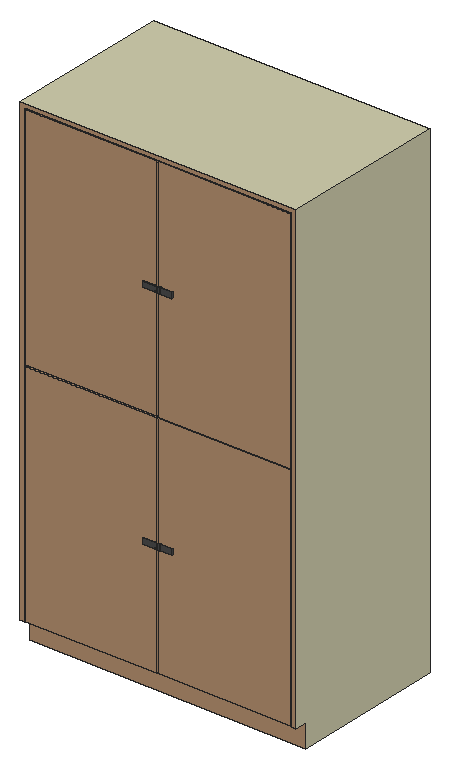
Revit family "Cabinet_Wenger_UltraStor_15", category Furniture, Revit 2015
Parameters (values of type "UltraStor Cabinet #15 - Comp Wood Doors")
  URL = "https://www.wengercorp.com/"
  Type Comments = ""
  Specification = "http://www.arcat.com/sdspecs/htm04/12_35_83wen.htm"
  Shelf Thickness = 0' - 1 1/8"
  Sales Information = "https://www.wengercorp.com/contact-us.php"
  Revision = "R1_2018-04"
  Rear Panel Thickness = 0' - 0 3/4"
  Product Data = "http://www.arcat.com/arcatcos/cos36/arc36487.html"
  Manufacturer Website = "https://www.wengercorp.com/"
  Manufacturer Phone - Toll Free = "800-4WENGER"
  Manufacturer Phone = "(507) 455-4100"
  Manufacturer Fax = "(507) 455-4258"
  Manufacturer Address = "555 Park Dr., Owatonna, MN 55060"
  Keynote = "12 35 83"
  HasDoors = yes
  Green Building-LEED = "http://www.arcat.com/green/clients/leed_data_36487.html"
  Drawn By = "Sumex Design, Inc. / Robert S. Weygant, CSI, CDT, SCIP"
  Door Width = (Cabinet Width - 0' 1 5/8") / 2  # 1' - 11 7/16"
  Door Style = Door_Base : Solid Door
  Door Material [instance] = Wenger Cherry (Use Cherry Edge Band Only)
  Toe Kick Material [instance] = Wenger Cherry (Use Cherry Edge Band Only)
  RH End Panel [instance] = no
  Model = "#15"
  Manufacturer = "Wenger Corporation"
  LH End Panel [instance] = no
  End Panel Material [instance] = Wenger Cherry (Use Cherry Edge Band Only)
  Edge Banding Material [instance] = Wenger Cherry (Use Cherry Edge Band Only)
  Cost = 0
  Copyright = "© 2018 Arcat Inc."
  Construction Details = "http://www.arcat.com/details/wengerco/wengerco.html?coid=36487"
  Body Material [instance] = Wenger - Oyster
  Description = "Wenger UltraStor Cabinet #15 - Comp Wood Doors"
  Cabinet Width = 4' - 0 1/2"
  Cabinet Height = 7' - 1 5/8"
  Installed Depth = 2' - 5 1/4"
  Cabinet Panel Thickness = 0' - 0 3/4"
  Assembly Code = "E2010200"
Types (7): name | Rear Panel Thickness | HasDoors | Door Style | Door Material | Model | Description | Installed Depth
  Acoustic Cabinet #15 - No Doors | 0' - 3 1/4" | no | Door_Base : Solid Door | none | "#15A" | "Wenger Acoustic Cabinet #15 - No Doors" | 2' - 7 3/4"
  Acoustic Cabinet #15 - Comp Waterfall Grille Doors | 0' - 3 1/4" | yes | Door_Base : Waterfall | Painted Black | "#15A" | "Wenger Acoustic Cabinet #15 - Comp Waterfall Grille Doors" | 2' - 7 3/4"
  Acoustic Cabinet #15 - Comp Grille Doors | 0' - 3 1/4" | yes | Door_Base : Bars | Painted Black | "#15A" | "Wenger Acoustic Cabinet #15 - Comp Grille Doors" | 2' - 7 3/4"
  UltraStor Cabinet #15 - No Doors | 0' - 0 3/4" | no | Door_Base : Solid Door | none | "#15" | "Wenger UltraStor Cabinet #15 - No Doors" | 2' - 5 1/4"
  UltraStor Cabinet #15 - Comp Waterfall Grille Doors | 0' - 0 3/4" | yes | Door_Base : Waterfall | Painted Black | "#15" | "Wenger UltraStor Cabinet #15 - Comp Waterfall Grille Doors" | 2' - 5 1/4"
  UltraStor Cabinet #15 - Comp Grille Doors | 0' - 0 3/4" | yes | Door_Base : Bars | Painted Black | "#15" | "Wenger UltraStor Cabinet #15 - Comp Grille Doors" | 2' - 5 1/4"
  UltraStor Cabinet #15 - Comp Wood Doors | 0' - 0 3/4" | yes | Door_Base : Solid Door | Wenger Cherry (Use Cherry Edge Band Only) | "#15" | "Wenger UltraStor Cabinet #15 - Comp Wood Doors" | 2' - 5 1/4"
Reference planes (in)
  plane 1 "Front": y = 0
  plane 2: z = 0
  plane 3 "Left": x = 0
  plane 4 "Right": x = 48.5
  plane 5 "Back": y = 29.25
  plane 6 "Top": z = 85.625
  plane 7: z = 4
  plane 8: z = 44.43125
  plane 9: x = 0.75
  plane 10: x = 47.75
  plane 11: z = 84.875
  plane 12: x = 24.25
  plane 13: y = 28.5
  plane 14: y = 2
  plane 15: y = 0.75
  plane 16: z = 45.55625
  plane 17: z = 5.125
Forms (in)
  Extrusion 1, solid, material "Wenger - Oyster" <- "Body Material"
    sketch origin (0, 0, 0) x (0, 1, 0) y (0, 0, 1)
      loop
        line (0, 85.625) -> (0, 4) -> (2, 4) -> (2, 0) -> (29.25, 0) -> (29.25, 85.625) -> (0, 85.625)
    from 0 to 48.5
  Extrusion 2, void
    sketch origin (0, 0, 0) x (0, 1, 0) y (0, 0, 1)
      loop
        line (-5.5, 84.875) -> (-5.5, 4) -> (0.75, 4)
        arc (0.75, 4) -> (1.15915, 4.80234) -> (2, 5.125) r 1.25694
        line (2, 5.125) -> (28.5, 5.125) -> (28.5, 44.43125) -> (0.75, 44.43125)
        arc (0.75, 44.43125) -> (1.18296, 45.20713) -> (2, 45.55625) r 1.375
        line (2, 45.55625) -> (28.5, 45.55625) -> (28.5, 84.875) -> (-5.5, 84.875)
    from 0.75 to 47.75
  Extrusion 3, void
    sketch origin (0, 0, 0) x (0, 1, 0) y (0, 0, 1)
      loop
        line (0, 84.875) -> (0, 4) -> (0.0625, 4) -> (0.0625, 84.875) -> (0, 84.875)
    from 0.75 to 47.75
Cuts and joins
  Extrusion 2, Extrusion 3 cuts Extrusion 1
Lines and regions (in)
  Masking region 1
    outline origin (0, 0, 0) x (1, 0, 0) y (0, 1, 0)
      loop
        line (0, 29.25) -> (0, 0) -> (48.5, 0) -> (48.5, 29.25) -> (0, 29.25)
Dimensions and locks (in)
  "Cabinet Panel Thickness": plane 3 "Left" to plane 9
  "Cabinet Panel Thickness": plane 10 to plane 4 "Right"
  "Cabinet Panel Thickness": plane 5 "Back" to plane 13
  locked: plane 1 "Front" to plane 15 at 0.75
  locked: plane 1 "Front" to plane 14 at 2
  "Shelf Thickness": plane 16 to plane 8
  "Cabinet Panel Thickness": plane 6 "Top" to plane 11
  "Shelf Thickness": plane 17 to plane 7
  "Cabinet Width": plane 3 "Left" to plane 4 "Right"
  locked: plane 7 to level at 4
  "Cabinet Height": plane 6 "Top" to level
  "Installed Depth": plane 1 "Front" to plane 5 "Back"
  plane 3 "Left" to plane 4 "Right" = 4' - 0 1/2"
  equal spacing: plane 5 "Back", nested 2, plane 1 "Front"
  plane 11 to plane 16 = 3' - 3.31875"
  plane 8 to plane 17 = 3' - 3.30625"
  equal spacing: plane 4 "Right", plane 12, plane 3 "Left"
  aligned and locked: Extrusion 1 sketch curve to plane 6 "Top"
  aligned and locked: Extrusion 1 sketch curve to plane 5 "Back"
  aligned and locked: Extrusion 1 sketch curve to plane 1 "Front"
  aligned and locked: Extrusion 1 sketch curve to plane 7
  aligned and locked: Extrusion 1 sketch curve to plane 14
  aligned and locked: Extrusion 1 sketch curve to level
  aligned and locked: Extrusion 1 to plane 4 "Right"
  aligned and locked: Extrusion 1 to plane 3 "Left"
  aligned and locked: Extrusion 2 sketch curve to plane 11
  aligned and locked: Extrusion 2 sketch curve to plane 16
  aligned and locked: Extrusion 2 sketch curve to plane 8
  aligned and locked: Extrusion 2 sketch curve to plane 17
  aligned and locked: Extrusion 2 to plane 9
  aligned and locked: Extrusion 3 sketch curve to cut or joined group of Extrusion 1, Extrusion 2, Extrusion 3  (x3)
  aligned and locked: Extrusion 3 to plane 10
  aligned and locked: Extrusion 3 to plane 9
  aligned and locked: nested 3 to plane 9
  aligned and locked: plane 11 to nested 3
  aligned and locked: nested 4 to plane 9
  aligned and locked: plane 7 to cut or joined group of Extrusion 1, Extrusion 2, Extrusion 3
  aligned and locked: nested 4 to plane 7
  aligned and locked: plane 15 to Extrusion 2 sketch curve
  aligned and locked: plane 1 "Front" to nested 5
  aligned and locked: nested 5 to level
  aligned and locked: nested 5 to plane 4 "Right"
  aligned and locked: Masking region 1 sketch curve to plane 5 "Back"
  aligned and locked: Masking region 1 sketch curve to plane 1 "Front"
  aligned and locked: plane 3 "Left" to Masking region 1 sketch curve
  aligned and locked: plane 4 "Right" to Masking region 1 sketch curve
  aligned and locked: plane 8 to nested 4
  aligned and locked: nested 3 to plane 8
  aligned and locked: cut or joined group of Extrusion 1, Extrusion 2, Extrusion 3 to plane 10
  aligned and locked: plane 12 to nested 2
  aligned and locked: nested 6 to plane 7
  aligned and locked: nested 6 to plane 8
  aligned and locked: nested 7 to plane 8
  aligned and locked: nested 7 to plane 11
  aligned and locked: nested 7 to plane 10
  aligned and locked: nested 6 to plane 10
Automatic sketch dimensions
  plane 15 to Extrusion 3 sketch curve = 0' - 0 11/16"
  Extrusion 2 sketch curve to plane 7 = 0' - 0"
  Extrusion 2 sketch curve to plane 14 = 0' - 0"  (x2)
  Extrusion 2 sketch curve to plane 13 = 0' - 0"  (x2)
  plane 1 "Front" to Extrusion 2 sketch curve = 0' - 5 1/2"
  Extrusion 2 sketch curve to plane 15 = 0' - 0"
  Extrusion 2 sketch curve to plane 14 = 0' - 0.10279"
Nested families (in)
  nested 1: "End Panel" at (0, 14.25, 0) x (0, -1, 0) z (0, 0, 1), End Panel Material <- "End Panel Material", visible <- "LH End Panel", Edge Banding Material <- "Edge Banding Material", type "End Panel"
    with End Panel Material Wenger Cherry (Use Cherry Edge Band Only), Edge Banding Material Wenger Cherry (Use Cherry Edge Band Only), End Panel Depth 2' - 5 1/4"
  nested 2: "Labels" at (24.25, 14.625, 0), type "Labels"
  nested 3: "Door_Base" at (12.46875, 0, 44.43125) x (1, 0, 0) z (0, -1, 0), type <- "Door Style", visible <- "HasDoors", Width <- "Door Width", type "Solid Door", detail levels medium+fine
    with vBars 21, Width 1' - 11 7/16", ToeKick Height 0' - 4", MidBar no, Height 3' - 4.44375", BarHt 3' - 3.94375", 2HzBars no
  nested 4: "Door_Base" at (12.46875, 0, 4) x (1, 0, 0) z (0, -1, 0), type <- "Door Style", visible <- "HasDoors", Width <- "Door Width", type "Solid Door", detail levels medium+fine
    with vBars 21, Width 1' - 11 7/16", ToeKick Height 0' - 4", MidBar no, Height 3' - 4.43125", BarHt 3' - 3.93125", 2HzBars no
  nested 5: "End Panel" at (49.25, 14.25, 0) x (0, -1, 0) z (0, 0, 1), End Panel Material <- "End Panel Material", Edge Banding Material <- "Edge Banding Material", visible <- "RH End Panel", type "End Panel"
    with End Panel Material Wenger Cherry (Use Cherry Edge Band Only), Edge Banding Material Wenger Cherry (Use Cherry Edge Band Only), End Panel Depth 2' - 5 1/4"
  nested 6: "Door_Base" at (36.03125, 0, 44.43125) x (-1, 0, 0) z (0, -1, 0), Width <- "Door Width", type <- "Door Style", visible <- "HasDoors", type "Solid Door"
    with vBars 21, Width 1' - 11 7/16", ToeKick Height 0' - 4", MidBar no, Height 3' - 4.43125", BarHt 3' - 3.93125", 2HzBars no
  nested 7: "Door_Base" at (36.03125, 0, 84.875) x (-1, 0, 0) z (0, -1, 0), Width <- "Door Width", type <- "Door Style", visible <- "HasDoors", type "Solid Door"
    with vBars 21, Width 1' - 11 7/16", ToeKick Height 0' - 4", MidBar no, Height 3' - 4.44375", BarHt 3' - 3.94375", 2HzBars no
Definition of nested family "End Panel"
  Parameters (values of type "End Panel")
    End Panel Material [instance] = none
    End Panel Height = 7' - 1 5/8"
    End Panel Depth = 1' - 9 3/4"
    Edge Banding Material [instance] = none
    Default Elevation = 4' - 0"
    Assembly Code = ""
  Reference planes (in)
    plane 1 "Center (Front/Back)": y = 0
    plane 2: z = 0
    plane 3 "Center (Left/Right)": x = 0
    plane 4: x = -15
    plane 5: x = 6.75
    plane 6: z = 4
    plane 7: x = 4.75
    plane 8: z = 85.625
    plane 9: y = -0.75
  Forms (in)
    Extrusion 1, solid, material <- "End Panel Material"
      sketch origin (0, 0, 0) x (1, 0, 0) y (0, 0, 1)
        loop
          line (-15, 85.625) -> (-15, 0) -> (4.75, 0) -> (4.75, 4) -> (6.75, 4) -> (6.75, 85.625) -> (-15, 85.625)
      from 0 to 0.75
  Lines and regions (in)
    Masking region 1, detail levels coarse+medium
      outline origin (0, 0, 0) x (1, 0, 0) y (0, 1, 0)
        loop
          line (-15, 0) -> (-15, -0.75) -> (6.75, -0.75) -> (6.75, 0) -> (-15, 0)
  Dimensions and locks (in)
    locked: plane 7 to plane 5 at 2
    locked: plane 6 to level at 4
    "End Panel Height": plane 8 to level
    "End Panel Depth": plane 5 to plane 4
    locked: plane 9 to plane 1 "Center (Front/Back)" at 0.75
    aligned and locked: plane 4 to Extrusion 1 sketch curve
    aligned and locked: level to Extrusion 1 sketch curve
    aligned and locked: plane 7 to Extrusion 1 sketch curve
    aligned and locked: plane 6 to Extrusion 1 sketch curve
    aligned and locked: Extrusion 1 sketch curve to plane 5
    aligned and locked: Extrusion 1 sketch curve to plane 8
    aligned and locked: Extrusion 1 to plane 9
    aligned and locked: Extrusion 1 to plane 1 "Center (Front/Back)"
    aligned and locked: plane 4 to Masking region 1 sketch curve
    aligned and locked: Masking region 1 sketch curve to plane 5
    aligned and locked: plane 1 "Center (Front/Back)" to Masking region 1 sketch curve
    aligned and locked: plane 9 to Masking region 1 sketch curve
Definition of nested family "Door_Base"
  Parameters (values of type "None")
    vBars [instance] = (Width - 0' 2") / 0' 1"  # 6
    Width [instance] = 0' - 8"
    ToeKick Height [instance] = 0' - 4"
    Thickness = 0' - 0 3/4"
    Solid Door = no
    Shelf Thickness = 0' - 0 3/4"
    Panel Thickness = 0' - 0 3/4"
    MidBar [instance] = and(Height < 1' 6", HasDoor, not(Solid Door))  # no
    Height [instance] = 1' - 2 5/8"
    HasDoor = no
    Edge Banding = none
    DoorGap = 0' - 0 1/8"
    Door Finish = none
    Depth = 2' - 0"
    Default Elevation = 4' - 0"
    Bars = no
    BarStyle = Bars : Waterfall
    BarHt [instance] = Height - 0' 0 1/2"  # 1' - 2 1/8"
    2HzBars [instance] = and(Height > 1' 6", not(Solid Door))  # no
  Types (4): name | Thickness | Solid Door | MidBar | HasDoor | Bars | BarStyle
    Solid Door | 0' - 0 3/4" | yes | no | yes | no | Bars : Waterfall
    Bars | 0' - 0 1/4" | no | yes | yes | yes | Bars : Straight
    Waterfall | 0' - 0 3/4" | no | yes | yes | yes | Bars : Waterfall
    None | 0' - 0 3/4" | no | no | no | no | Bars : Waterfall
  Reference planes (in)
    plane 1 "Center (Front/Back)": y = 0
    plane 2: z = 0
    plane 3 "Center (Left/Right)": x = 0
    plane 4: x = -4
    plane 5: y = 14.625
    plane 6: x = 4
    plane 7: z = -0.75
    plane 8: x = -3.875
    plane 9: x = 3.875
    plane 10: y = 0.125
    plane 11: y = 14.5
    plane 12: y = -0.75
    plane 13 "CL Elev": y = 7.3125
    plane 14: x = -3.75
    plane 15: x = 3.75
    plane 16 "BtmRail": y = 0.25
    plane 17: y = 14.375
    plane 18: z = -0.125
    plane 19: x = -2.75
    plane 20: x = 2.75
    plane 21: y = 9.66667
    plane 22: y = 4.95833
  Forms (in)
    Extrusion 1, solid, material <- "Door Finish", visible <- "Solid Door", detail levels medium+fine
      sketch origin (0, 0, 0) x (1, 0, 0) y (0, 1, 0)
        loop
          arc (-3.75, 14.5) -> (-3.83839, 14.46339) -> (-3.875, 14.375) r 0.125
          line (-3.875, 14.375) -> (-3.875, 0.25)
          arc (-3.875, 0.25) -> (-3.83839, 0.16161) -> (-3.75, 0.125) r 0.125
          line (-3.75, 0.125) -> (3.75, 0.125)
          arc (3.75, 0.125) -> (3.83839, 0.16161) -> (3.875, 0.25) r 0.125
          line (3.875, 0.25) -> (3.875, 14.375)
          arc (3.875, 14.375) -> (3.83839, 14.46339) -> (3.75, 14.5) r 0.125
          line (3.75, 14.5) -> (-3.75, 14.5)
      from 0 to -0.75
    Sweep 2, solid, material <- "Door Finish", visible <- "Bars", detail levels medium+fine
      path origin (0, 0, 0) x (1, 0, 0) y (0, 1, 0)
        loop
          arc (-3.125, 14.5) -> (-3.65533, 14.28033) -> (-3.875, 13.75) r 0.75
          line (-3.875, 13.75) -> (-3.875, 0.875)
          arc (-3.875, 0.875) -> (-3.65533, 0.34467) -> (-3.125, 0.125) r 0.75
          line (-3.125, 0.125) -> (3.125, 0.125)
          arc (3.125, 0.125) -> (3.65533, 0.34467) -> (3.875, 0.875) r 0.75
          line (3.875, 0.875) -> (3.875, 13.75)
          arc (3.875, 13.75) -> (3.65533, 14.28033) -> (3.125, 14.5) r 0.75
          line (3.125, 14.5) -> (-3.125, 14.5)
      profile origin (0, 14.5, 0) x (0, 1, 0) y (0, 0, 1)
        loop
          circle (-0.125, -0.125) r 0.125
    Extrusion 3, solid, material <- "Door Finish", visible <- "MidBar", detail levels medium+fine
      sketch origin (0, 0, 0) x (0, 1, 0) y (0, 0, 1)
        loop
          circle (7.3125, -0.125) r 0.125
      from -3.75 to 3.75
    Extrusion 4, solid, visible <- "HasDoor", detail levels fine
      sketch origin (0, 0, 0) x (1, 0, 0) y (0, 1, 0)
        loop
          line (1.5, 7.8125) -> (1.5, 6.8125) -> (4.5, 6.8125) -> (4.5, 7.8125) -> (1.5, 7.8125)
      from 0 to 0.125
    Extrusion 5, solid, material <- "Door Finish", visible <- "2HzBars", detail levels medium+fine
      sketch origin (0, 0, 0) x (0, 1, 0) y (0, 0, 1)
        loop
          circle (9.66667, -0.125) r 0.125
        loop
          circle (4.95833, -0.125) r 0.125
      from -3.75 to 3.75
  Lines and regions (in)
    symbolic lines, visible <- "HasDoor", detail levels medium+fine
      curve 1: line (4, 0.25, 0) -> (-4, 0.25, 0)
      curve 2: line (-4, 0.25, 0) -> (-4, 0.25, 8)
      curve 3: arc (4, 0.25, 0) -> (1.65685, 0.25, 5.65685) -> (-4, 0.25, 8) r 8
    symbolic lines, visible <- "HasDoor"
      curve 4: line (3.875, 0.25, 0) -> (3.875, 0.25, -0.75)
      curve 5: line (3.875, 0.25, -0.75) -> (-3.875, 0.25, -0.75)
      curve 6: line (-3.875, 0.25, -0.75) -> (-3.875, 0.25, 0)
    symbolic lines, detail levels medium
      curve 7: line (3.875, 14.5, 0) -> (-3.875, 7.3125, 0)
      curve 8: line (-3.875, 7.3125, 0) -> (3.875, 0.125, 0)
  Dimensions and locks (in)
    "Height": plane 1 "Center (Front/Back)" to plane 5
    "Thickness": level to plane 7
    equal spacing: plane 4, plane 3 "Center (Left/Right)", plane 6
    "Width": plane 4 to plane 6
    "DoorGap": plane 5 to plane 11
    "DoorGap": plane 9 to plane 6
    "DoorGap": plane 4 to plane 8
    "DoorGap": plane 1 "Center (Front/Back)" to plane 10
    "Shelf Thickness": plane 1 "Center (Front/Back)" to plane 12
    equal spacing: plane 1 "Center (Front/Back)", plane 13 "CL Elev", plane 5
    locked: plane 15 to plane 9 at 0.125
    locked: plane 8 to plane 14 at 0.125
    locked: plane 11 to plane 17 at 0.125
    locked: plane 16 "BtmRail" to plane 10 at 0.125
    locked: level to plane 18 at 0.125
    plane 19 to plane 14 = 0' - 1"
    locked: plane 15 to plane 20 at 1
    Extrusion 4 sketch curve to plane 13 "CL Elev" to Extrusion 4 sketch curve = 0' - 0 1/2" locked, 0' - 0 1/2" locked
    locked: plane 6 to Extrusion 4 sketch curve at 0.5
    locked: Extrusion 4 sketch curve to plane 6 at 2.5
    locked: Extrusion 4 to level at 0.125
    equal spacing: group 1, group 3, group 4, group 5, group 6, group 2  (x3)
    equal spacing: plane 17, plane 21, plane 22, plane 16 "BtmRail"
    "Width": radius of curve 3
    aligned and locked: plane 2 to level
    aligned and locked: Extrusion 1 sketch curve to plane 11
    aligned and locked: plane 8 to Extrusion 1 sketch curve
    aligned and locked: Extrusion 1 sketch curve to plane 9
    aligned and locked: plane 10 to Extrusion 1 sketch curve
    aligned and locked: Extrusion 1 to plane 7
    aligned and locked: level to Extrusion 1
    aligned and locked: Sweep 2 sketch curve to plane 11
    aligned and locked: plane 8 to Sweep 2 sketch curve
    aligned and locked: plane 10 to Sweep 2 sketch curve
    aligned and locked: Sweep 2 sketch curve to plane 9
    aligned and locked: plane 15 to Extrusion 3
    aligned and locked: Extrusion 3 to plane 14
    aligned and locked: plane 20 to nested 2
    aligned and locked: plane 19 to nested 1
    aligned and locked: plane 21 to Extrusion 5 sketch curve
    aligned and locked: plane 18 to Extrusion 5 sketch curve  (x2)
    aligned and locked: plane 22 to Extrusion 5 sketch curve
    aligned and locked: Extrusion 5 to Extrusion 3  (x2)
    aligned and locked: plane 4 to curve 3  (x2)
    aligned and locked: level to curve 3
    aligned and locked: plane 7 to curve 5
    aligned and locked: Extrusion 1 to plane 8
    aligned and locked: plane 9 to Extrusion 1
    aligned and locked: plane 10 to curve 8
    aligned and locked: plane 9 to curve 8
    aligned and locked: plane 13 "CL Elev" to curve 8
    aligned and locked: plane 11 to curve 7
    aligned and locked: plane 9 to curve 7
  Automatic sketch dimensions
    plane 8 to Sweep 2 sketch curve = 0' - 0 3/4"  (x2)
    Sweep 2 sketch curve to plane 9 = 0' - 0 3/4"
    Sweep 2 sketch curve to Sweep 2 sketch curve = 0' - 0 3/4"
    Sweep 2 sketch curve to level = 0' - 0 1/8"
    profile plane to Sweep 2 sketch curve = 0' - 0 1/8"
    Extrusion 3 sketch curve to level = 0' - 0 1/8"
    Extrusion 3 sketch curve to plane 13 "CL Elev" = 0' - 0"
    curve 8 to plane 8 = 0' - 0"
    Extrusion 1 sketch curve to plane 14 = 0' - 0"  (x2)
    Extrusion 1 sketch curve to plane 15 = 0' - 0"  (x2)
    curve 5 to plane 9 = 0' - 0"
    curve 6 to plane 8 = 0' - 0"
    radius of Sweep 2 sketch curve = 0' - 0 1/8"
    radius of Extrusion 3 sketch curve = 0' - 0 1/8"
    radius of Extrusion 5 sketch curve = 0' - 0 1/8"  (x2)
  Nested families (in)
    nested 1: "Bars" at (-2.75, 0.25, -0.125) x (1, 0, 0) z (0, 1, 0), type <- "BarStyle", visible <- "Bars", type "Waterfall", detail levels fine
      with Lateral Deviation 0' - 1", Height 1' - 2 1/8"
    nested 2: "Bars" at (2.75, 0.25, -0.125) x (1, 0, 0) z (0, 1, 0), type <- "BarStyle", visible <- "Bars", type "Waterfall", detail levels fine
      with Lateral Deviation 0' - 1", Height 1' - 2 1/8"
    nested 3: "Bars" at (-1.65, 0.25, -0.125) x (1, 0, 0) z (0, 1, 0), type <- "BarStyle", visible <- "Bars", type "Waterfall", detail levels fine
      with Lateral Deviation 0' - 1", Height 1' - 2 1/8"
    nested 4: "Bars" at (-0.55, 0.25, -0.125) x (1, 0, 0) z (0, 1, 0), type <- "BarStyle", visible <- "Bars", type "Waterfall", detail levels fine
      with Lateral Deviation 0' - 1", Height 1' - 2 1/8"
    nested 5: "Bars" at (0.55, 0.25, -0.125) x (1, 0, 0) z (0, 1, 0), type <- "BarStyle", visible <- "Bars", type "Waterfall", detail levels fine
      with Lateral Deviation 0' - 1", Height 1' - 2 1/8"
    nested 6: "Bars" at (1.65, 0.25, -0.125) x (1, 0, 0) z (0, 1, 0), type <- "BarStyle", visible <- "Bars", type "Waterfall", detail levels fine
      with Lateral Deviation 0' - 1", Height 1' - 2 1/8"
  Definition of nested family "Bars"
    Parameters (values of type "Straight")
      WaterFall = no
      Straight = yes
      Lateral Deviation = 0' - 1 1/2"
      Height = 1' - 2 5/8"
      Default Elevation = 4' - 0"
      Bars = none
    Types (3): name | WaterFall | Straight
      (no name) | no | yes
      Waterfall | yes | no
      Straight | no | yes
    Reference planes (in)
      plane 1 "Center (Front/Back)": y = 0
      plane 2: z = 0
      plane 3 "Center (Left/Right)": x = 0
      plane 4: z = 14.625
      plane 5: z = 7.3125
      plane 6: x = 0.75
      plane 7: x = -0.75
      plane 8: z = 10.96875
      plane 9: z = 3.65625
    Forms (in)
      Sweep 1, solid, material <- "Bars", visible <- "WaterFall"
        path origin (0, 0, 0) x (1, 0, 0) y (0, 0, 1)
          loop
            arc (0, 0) -> (0.56057, 1.79006) -> (0.75, 3.65625) r 9.28711
            arc (0.75, 3.65625) -> (0.56057, 5.52244) -> (0, 7.3125) r 9.28711
        profile origin (0.56057, 0, 1.79006) x (-0.979603, 0, 0.200944) y (0, -1, 0)
          loop
            circle (0, 0) r 0.0625
      Sweep 2, solid, material <- "Bars", visible <- "WaterFall"
        path origin (0, 0, 14.625) x (-1, 0, 0) y (0, 0, -1)
          loop
            arc (0, 0) -> (0.56057, 1.79006) -> (0.75, 3.65625) r 9.28711
            arc (0.75, 3.65625) -> (0.56057, 5.52244) -> (0, 7.3125) r 9.28711
        profile origin (-0.56057, 0, 12.83494) x (0.979603, 0, -0.200944) y (0, -1, 0)
          loop
            circle (0, 0) r 0.0625
      Extrusion 3, solid, material <- "Bars", visible <- "Straight"
        sketch origin (0, 0, 0) x (1, 0, 0) y (0, 1, 0)
          loop
            circle (0, 0) r 0.0625
        from 0 to 14.625
    Dimensions and locks (in)
      "Height": plane 4 to level
      equal spacing: plane 6, plane 3 "Center (Left/Right)", plane 7
      "Lateral Deviation": plane 6 to plane 7
      equal spacing: plane 4, plane 8, plane 5, plane 9, level
      aligned and locked: plane 2 to level
      aligned and locked: plane 3 "Center (Left/Right)" to Sweep 1 sketch curve  (x2)
      aligned and locked: level to Sweep 1 sketch curve
      aligned and locked: plane 6 to Sweep 1 sketch curve
      aligned and locked: plane 9 to Sweep 1 sketch curve
      aligned and locked: plane 4 to Sweep 2 sketch curve
      aligned and locked: plane 3 "Center (Left/Right)" to Sweep 2 sketch curve  (x2)
      aligned and locked: plane 8 to Sweep 2 sketch curve
      aligned and locked: plane 7 to Sweep 2 sketch curve
      aligned and locked: plane 5 to Sweep 2 sketch curve
      aligned and locked: plane 4 to Extrusion 3
      aligned and locked: Extrusion 3 to level
    Automatic sketch dimensions
      plane 1 "Center (Front/Back)" to Sweep 1 sketch curve = 0' - 0"
      Sweep 1 sketch curve to profile plane = 0' - 0"
      Sweep 1 sketch curve to Sweep 1 sketch curve = 0' - 0"
      Sweep 2 sketch curve to plane 1 "Center (Front/Back)" = 0' - 0"
      Sweep 2 sketch curve to profile plane = 0' - 0"
      plane 1 "Center (Front/Back)" to Extrusion 3 sketch curve = 0' - 0"
      Extrusion 3 sketch curve to plane 3 "Center (Left/Right)" = 0' - 0"
      radius of Sweep 1 sketch curve = 0' - 0 1/16"
      radius of Sweep 2 sketch curve = 0' - 0 1/16"
      radius of Extrusion 3 sketch curve = 0' - 0 1/16"
Definition of nested family "Labels"
  Parameters
    Cabinet Label = "01"
  Reference planes (in)
    plane 1: y = 0
    plane 2: x = 0
  Text (in)
    label "xxxx" at (-0.00018, 0.00754, 0), shows "Cabinet Label"
